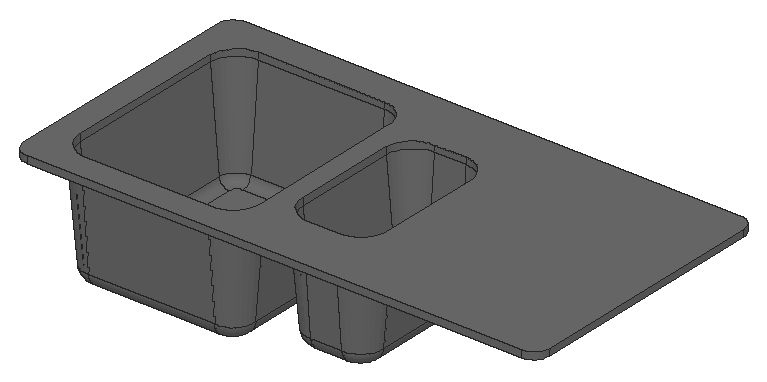
Revit family
Parameters (values of type "Sink & Half w Drainboard")
  Side Bowl Offset = 50.00 mm
  Show rim = yes
  Right Bowl Width = 180.00 mm
  Right Bowl Depth = 300.00 mm
  Left Bowl Width = 360.00 mm
  Left Bowl Depth = 410.00 mm
  Counter Height = 900.00 mm
  Depth = 520.00 mm
  Fixture Material = Metal - Steel, Polished
  Sink Material = Metal - Steel, Polished
  Width = 1000.00 mm
  Rear Bowl Offset = 60.00 mm
  Assembly Code = ""
Types (3, lengths in mm): name | Show rim | Right Bowl Width | Right Bowl Depth | Width
  Double No Drainboard-Abey Daintree | no | 360.00 | 410.00 | 820.00
  Sink & Half w Drainboard | yes | 180.00 | 300.00 | 1000.00
  Double Bowl w Drainboard | no | 360.00 | 410.00 | 1120.00
Reference planes
  plane 1 "Center (Front/Back)": y = -4.817
  plane 2: z = 0
  plane 3 "Center (Left/Right)": x = 9.489
  plane 4: y = 260.183
  plane 5: y = -259.817
  plane 6: x = -400.511
  plane 7: x = 599.489
  plane 8 "Top Of Counter": z = 900
  plane 9 "Sink Surface": z = 912.7
  plane 10: z = 684.1
  plane 11: y = 200.183
  plane 12: x = -350.511
  plane 13: y = -209.817
  plane 14: x = 189.489
  plane 15: x = -180.036
  plane 16: x = 109.014
  plane 17: x = 569.489
  plane 18: x = -370.511
  plane 19: y = 149.383
  plane 20: x = -299.711
  plane 21: x = -60.361
  plane 22: y = -159.017
  plane 23: x = -9.561
  plane 24: x = 28.539
  plane 25: x = 79.339
  plane 26: y = -159.017
  plane 27: x = 138.689
  plane 28: y = 149.383
  plane 29: y = 145.183
  plane 30: y = -154.817
Forms (mm)
  Extrusion 1, solid, material "Metal - Steel, Polished"
    sketch origin (30, 0, 0) x (1, 0, 0) y (0, 1, 0)
      loop
        arc (-400.511, 260.183) -> (-421.724, 251.397) -> (-430.511, 230.183) r 30
        line (-430.511, 230.183) -> (-430.511, -229.817)
        arc (-430.511, -229.817) -> (-421.724, -251.03) -> (-400.511, -259.817) r 30
        line (-400.511, -259.817) -> (539.489, -259.817)
        arc (539.489, -259.817) -> (560.702, -251.03) -> (569.489, -229.817) r 30
        line (569.489, -229.817) -> (569.489, 230.183)
        arc (569.489, 230.183) -> (560.702, 251.397) -> (539.489, 260.183) r 30
        line (539.489, 260.183) -> (-400.511, 260.183)
      loop
        arc (-329.711, 200.183) -> (-365.632, 185.304) -> (-380.511, 149.383) r 50.8
        line (-380.511, 149.383) -> (-380.511, -159.017)
        arc (-380.511, -159.017) -> (-365.632, -194.938) -> (-329.711, -209.817) r 50.8
        line (-329.711, -209.817) -> (-90.361, -209.817)
        arc (-90.361, -209.817) -> (-54.44, -194.938) -> (-39.561, -159.017) r 50.8
        line (-39.561, -159.017) -> (-39.561, 149.383)
        arc (-39.561, 149.383) -> (-54.44, 185.304) -> (-90.361, 200.183) r 50.8
        line (-90.361, 200.183) -> (-329.711, 200.183)
      loop
        arc (108.689, -154.817) -> (144.61, -139.938) -> (159.489, -104.017) r 50.8
        line (159.489, -104.017) -> (159.489, 94.383)
        arc (159.489, 94.383) -> (144.61, 130.304) -> (108.689, 145.183) r 50.8
        line (108.689, 145.183) -> (49.339, 145.183)
        arc (49.339, 145.183) -> (13.418, 130.304) -> (-1.461, 94.383) r 50.8
        line (-1.461, 94.383) -> (-1.461, -104.017)
        arc (-1.461, -104.017) -> (13.418, -139.938) -> (49.339, -154.817) r 50.8
        line (49.339, -154.817) -> (108.689, -154.817)
    from 900 to 912.7
  Sweep 2, solid, material "Metal - Steel, Polished"
    path origin (0, 0, 0) x (1, 0, 0) y (0, 1, 0)
      loop
        arc (-299.711, 200.183) -> (-335.632, 185.304) -> (-350.511, 149.383) r 50.8
        line (-350.511, 149.383) -> (-350.511, -159.017)
        arc (-350.511, -159.017) -> (-335.632, -194.938) -> (-299.711, -209.817) r 50.8
        line (-299.711, -209.817) -> (-60.361, -209.817)
        arc (-60.361, -209.817) -> (-24.44, -194.938) -> (-9.561, -159.017) r 50.8
        line (-9.561, -159.017) -> (-9.561, 149.383)
        arc (-9.561, 149.383) -> (-24.44, 185.304) -> (-60.361, 200.183) r 50.8
        line (-60.361, 200.183) -> (-299.711, 200.183)
    profile origin (-180.036, 0, 0) x (0, 1, 0) y (0, 0, 1)
      loop
        line (200.183, 900) -> (183.649, 711.015)
        arc (183.649, 711.015) -> (177.542, 698.63) -> (164.672, 693.625) r 19.05
        line (164.672, 693.625) -> (162.083, 693.625) -> (162.083, 684.095) -> (164.672, 684.095)
        arc (164.672, 684.095) -> (183.98, 691.604) -> (193.143, 710.184) r 28.58
        line (193.143, 710.184) -> (209.75, 900) -> (200.183, 900)
  Extrusion 3, solid, material "Metal - Steel, Polished"
    sketch origin (0, 0, 0) x (1, 0, 0) y (0, 1, 0)
      loop
        arc (-299.711, 162.083) -> (-308.691, 158.364) -> (-312.411, 149.383) r 12.7
        line (-312.411, 149.383) -> (-312.411, -159.017)
        arc (-312.411, -159.017) -> (-308.691, -167.997) -> (-299.711, -171.717) r 12.7
        line (-299.711, -171.717) -> (-60.361, -171.717)
        arc (-60.361, -171.717) -> (-51.381, -167.997) -> (-47.661, -159.017) r 12.7
        line (-47.661, -159.017) -> (-47.661, 149.383)
        arc (-47.661, 149.383) -> (-51.381, 158.364) -> (-60.361, 162.083) r 12.7
        line (-60.361, 162.083) -> (-299.711, 162.083)
      loop
        circle (-180.036, -4.817) r 25.4
    from 684.1 to 693.625
  Sweep 4, solid, material "Metal - Steel, Polished"
    path origin (31.378, 0, 0) x (-1, 0, 0) y (0, -1, 0)
      loop
        line (-107.311, -145.183) -> (-47.961, -145.183)
        arc (-47.961, -145.183) -> (-12.04, -130.304) -> (2.839, -94.383) r 50.8
        line (2.839, -94.383) -> (2.839, 104.017)
        arc (2.839, 104.017) -> (-12.04, 139.938) -> (-47.961, 154.817) r 50.8
        line (-47.961, 154.817) -> (-107.311, 154.817)
        arc (-107.311, 154.817) -> (-143.232, 139.938) -> (-158.111, 104.017) r 50.8
        line (-158.111, 104.017) -> (-158.111, -94.383)
        arc (-158.111, -94.383) -> (-143.232, -130.304) -> (-107.311, -145.183) r 50.8
    profile origin (109.014, 0, 0) x (0, -1, 0) y (0, 0, 1)
      loop
        line (-145.183, 900) -> (-154.75, 900) -> (-138.143, 710.184)
        arc (-138.143, 710.184) -> (-128.98, 691.604) -> (-109.672, 684.095) r 28.58
        line (-109.672, 684.095) -> (-107.083, 684.095) -> (-107.083, 693.625) -> (-109.672, 693.625)
        arc (-109.672, 693.625) -> (-122.542, 698.63) -> (-128.649, 711.015) r 19.05
        line (-128.649, 711.015) -> (-145.183, 900)
  Extrusion 5, solid, material "Metal - Steel, Polished"
    sketch origin (360, 0, 0) x (1, 0, 0) y (0, 1, 0)
      loop
        arc (-280.661, 107.083) -> (-289.641, 103.364) -> (-293.361, 94.383) r 12.7
        line (-293.361, 94.383) -> (-293.361, -104.017)
        arc (-293.361, -104.017) -> (-289.641, -112.997) -> (-280.661, -116.717) r 12.7
        line (-280.661, -116.717) -> (-221.311, -116.717)
        arc (-221.311, -116.717) -> (-212.331, -112.997) -> (-208.611, -104.017) r 12.7
        line (-208.611, -104.017) -> (-208.611, 94.383)
        arc (-208.611, 94.383) -> (-212.331, 103.364) -> (-221.311, 107.083) r 12.7
        line (-221.311, 107.083) -> (-280.661, 107.083)
      loop
        circle (-250.986, -4.817) r 25.4
    from 684.1 to 693.625
Cuts and joins
  joined: Extrusion 1, Sweep 2, Extrusion 3, Sweep 4, Extrusion 5
Lines and regions (mm)
  symbolic lines
    curve 1: line (-299.711, -209.817, 0) -> (-60.273, -209.817, 0)
    curve 2: arc (-205.436, -4.817, 0) -> (-180.036, 20.583, 0) -> (-154.636, -4.817, 0) r 25.4
    curve 3: arc (-154.636, -4.817, 0) -> (-180.036, -30.217, 0) -> (-205.436, -4.817, 0) r 25.4
    curve 4: arc (83.614, -4.817, 0) -> (109.014, 20.583, 0) -> (134.414, -4.817, 0) r 25.4
    curve 5: arc (134.414, -4.817, 0) -> (109.014, -30.217, 0) -> (83.614, -4.817, 0) r 25.4
  model lines, visible <- "Show rim"
    curve 6: line (-360.511, 235.183, 912.7) -> (559.489, 235.183, 912.7)
    curve 7: line (574.489, 220.183, 912.7) -> (574.489, -219.817, 912.7)
    curve 8: line (559.489, -234.817, 912.7) -> (-360.511, -234.817, 912.7)
    curve 9: line (-375.511, 220.183, 912.7) -> (-375.511, -219.817, 912.7)
    curve 10: arc (-360.511, 235.183, 912.7) -> (-371.117, 230.79, 912.7) -> (-375.511, 220.183, 912.7) r 15
    curve 12: arc (-360.511, -234.817, 912.7) -> (-371.117, -230.423, 912.7) -> (-375.511, -219.817, 912.7) r 15
    curve 13: arc (559.489, 235.183, 912.7) -> (570.096, 230.79, 912.7) -> (574.489, 220.183, 912.7) r 15
    curve 14: arc (574.489, -219.817, 912.7) -> (570.096, -230.423, 912.7) -> (559.489, -234.817, 912.7) r 15
  model lines
    curve 11: arc (574.489, 220.183, 912.7) -> (570.096, 230.79, 912.7) -> (559.489, 235.183, 912.7) r 15
Dimensions and locks
  "Width": plane 6 to plane 7
  "Depth": plane 5 to plane 4
  "Counter Height": plane 8 "Top Of Counter" to plane 2
  locked: plane 9 "Sink Surface" to plane 8 "Top Of Counter" at 12.7
  locked: plane 8 "Top Of Counter" to plane 10 at 215.9
  equal spacing: plane 12, plane 15, plane 23
  equal spacing: plane 24, plane 16, plane 14
  equal spacing: plane 13, plane 1 "Center (Front/Back)", plane 11
  "Left Bowl Width": plane 12 to plane 3 "Center (Left/Right)"
  "Right Bowl Width": plane 3 "Center (Left/Right)" to plane 14
  "Left Bowl Depth": plane 13 to plane 11
  locked: plane 17 to plane 7 at 30
  "Rear Bowl Offset": plane 11 to plane 4
  locked: plane 6 to plane 18 at 30
  "Side Bowl Offset": plane 6 to plane 12
  locked: plane 12 to Extrusion 1 sketch curve at 50.8  (x2)
  locked: Extrusion 1 sketch curve to plane 14 at 50.8  (x2)
  locked: plane 19 to plane 11 at 50.8
  locked: plane 12 to plane 20 at 50.8
  locked: plane 13 to plane 22 at 50.8
  plane 23 to plane 3 "Center (Left/Right)" to plane 24 = 19.05 mm locked, 19.05 mm locked
  locked: Extrusion 1 sketch curve to plane 23 at 50.8  (x2)
  locked: plane 24 to Extrusion 1 sketch curve at 50.8  (x2)
  locked: plane 21 to plane 23 at 50.8
  locked: plane 24 to plane 25 at 50.8
  locked: plane 28 to plane 11 at 50.8
  locked: plane 27 to plane 14 at 50.8
  locked: plane 13 to plane 26 at 50.8
  equal spacing: plane 30, plane 1 "Center (Front/Back)", plane 29
  "Right Bowl Depth": plane 30 to plane 29
  locked: curve 6 to plane 4 at 25
  locked: curve 7 to plane 7 at 25
  locked: plane 5 to curve 8 at 25
  plane 6 to curve 9 = 25.00 mm
  radius of curve 12 = 15.00 mm
  radius of curve 10 = 15.00 mm
  radius of curve 13 = 15.00 mm
  radius of curve 14 = 15.00 mm
  aligned and locked: Extrusion 1 sketch curve to plane 6
  aligned and locked: plane 8 "Top Of Counter" to Extrusion 1
  aligned and locked: Extrusion 1 to plane 9 "Sink Surface"
  aligned and locked: plane 11 to Extrusion 1 sketch curve
  aligned and locked: plane 14 to Extrusion 1 sketch curve
  aligned and locked: Extrusion 1 sketch curve to plane 12
  aligned and locked: Sweep 2 to Extrusion 3 sketch curve  (x4)
  aligned and locked: Sweep 2 to Extrusion 3
  aligned and locked: plane 10 to Extrusion 3
  aligned and locked: plane 8 "Top Of Counter" to Sweep 2 sketch curve
  aligned and locked: Sweep 4 sketch curve to plane 14
  aligned and locked: Sweep 4 sketch curve to Extrusion 1
  aligned and locked: curve 2 to Extrusion 3
  aligned and locked: Sweep 4 sketch curve to plane 8 "Top Of Counter"
  aligned and locked: plane 7 to Extrusion 1 sketch curve
  aligned and locked: plane 5 to Extrusion 1 sketch curve
  aligned and locked: plane 18 to Extrusion 1 sketch curve  (x2)
  aligned and locked: plane 17 to Extrusion 1 sketch curve  (x2)
  aligned and locked: plane 18 to cut or joined group of Extrusion 1, Sweep 2, Extrusion 3, Sweep 4, Extrusion 5
  aligned and locked: plane 19 to Sweep 2 sketch curve  (x2)
  aligned and locked: plane 20 to Sweep 2 sketch curve  (x2)
  aligned and locked: plane 21 to Sweep 2 sketch curve  (x2)
  aligned and locked: plane 22 to Sweep 2 sketch curve  (x2)
  aligned and locked: plane 24 to Extrusion 1 sketch curve
  aligned and locked: plane 23 to Extrusion 1 sketch curve
  aligned and locked: plane 27 to Sweep 4 sketch curve  (x2)
  aligned and locked: plane 25 to Sweep 4 sketch curve  (x2)
  aligned and locked: plane 29 to Extrusion 1 sketch curve
  aligned and locked: Extrusion 1 sketch curve to plane 30
  aligned and locked: Sweep 4 sketch curve to plane 29
  aligned and locked: plane 30 to Sweep 4 sketch curve
  aligned and locked: Extrusion 5 sketch curve to cut or joined group of Extrusion 1, Sweep 2, Extrusion 3, Sweep 4, Extrusion 5  (x4)
Automatic sketch dimensions
  Extrusion 1 sketch curve to plane 13 = 0.00 mm
  Extrusion 1 sketch curve to plane 4 = 0.00 mm
  Sweep 2 sketch curve to plane 12 = 0.00 mm
  Sweep 2 sketch curve to Sweep 2 sketch curve = 0.00 mm  (x2)
  Sweep 2 sketch curve to profile plane = 0.00 mm
  profile plane to Sweep 2 sketch curve = 7.04 mm
  Sweep 2 sketch curve to Sweep 2 sketch curve = 9.494 mm
  Sweep 2 sketch curve to Sweep 2 sketch curve = 18.978 mm
  Sweep 2 sketch curve to Sweep 2 sketch curve = 2.588 mm
  Sweep 2 sketch curve to Sweep 2 sketch curve = 9.566 mm
  Sweep 2 sketch curve to Sweep 2 sketch curve = 187.325 mm
  Sweep 2 sketch curve to Sweep 2 sketch curve = 1.66 mm
  Sweep 2 sketch curve to Sweep 2 sketch curve = 0.831 mm
  Extrusion 3 sketch curve to Extrusion 3 sketch curve = 0.00 mm  (x2)
  Extrusion 3 sketch curve to plane 1 "Center (Front/Back)" = 0.00 mm
  Extrusion 3 sketch curve to plane 15 = 0.00 mm
  Extrusion 3 sketch curve to Extrusion 3 sketch curve = 12.70 mm  (x4)
  Extrusion 3 sketch curve to Extrusion 3 sketch curve = 25.40 mm
  Sweep 4 sketch curve to Sweep 4 sketch curve = 0.00 mm  (x2)
  Sweep 4 sketch curve to profile plane = 0.00 mm
  profile plane to Sweep 4 sketch curve = 9.566 mm
  Sweep 4 sketch curve to profile plane = 7.04 mm
  Sweep 4 sketch curve to Sweep 4 sketch curve = 9.494 mm
  Sweep 4 sketch curve to Sweep 4 sketch curve = 18.978 mm
  Sweep 4 sketch curve to Sweep 4 sketch curve = 2.588 mm
  Sweep 4 sketch curve to Sweep 4 sketch curve = 187.325 mm
  Sweep 4 sketch curve to Sweep 4 sketch curve = 1.66 mm
  Sweep 4 sketch curve to Sweep 4 sketch curve = 0.831 mm
  Extrusion 5 sketch curve to plane 1 "Center (Front/Back)" = 0.00 mm
  Extrusion 5 sketch curve to plane 16 = 0.00 mm
  Extrusion 5 sketch curve to Extrusion 5 sketch curve = 25.40 mm
  Extrusion 5 sketch curve to plane 24 = 50.80 mm
  Extrusion 5 sketch curve to Extrusion 5 sketch curve = 12.70 mm
  plane 14 to Extrusion 5 sketch curve = 50.80 mm
  Extrusion 5 sketch curve to plane 30 = 50.80 mm
  curve 4 to plane 1 "Center (Front/Back)" = 0.00 mm
  curve 4 to plane 16 = 0.00 mm
  plane 16 to curve 4 = 25.40 mm
  curve 1 to plane 13 = 0.00 mm
  curve 1 to plane 12 = 50.80 mm
  plane 23 to curve 1 = 50.712 mm
